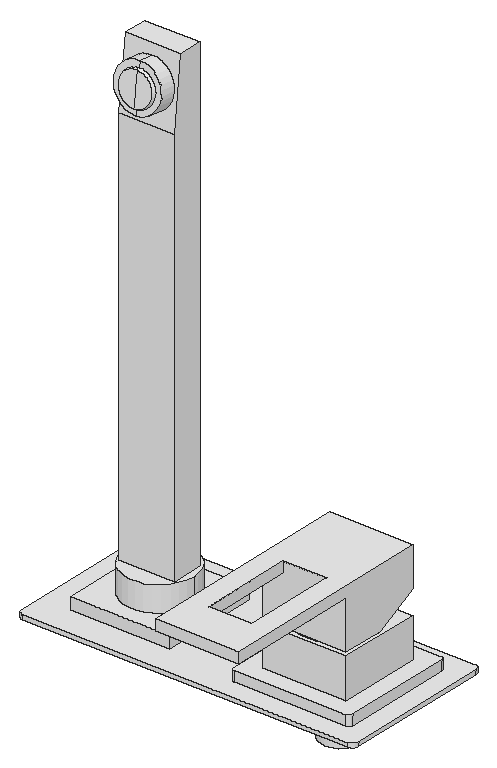
Revit family "Mixer-Bath-Caroma Quatro-Wall", category Plumbing Fixtures, host Face, Revit 2013
Parameters (values of type "Standard")
  Waste Connection = no
  Vent Connection = no
  URL = "http://www.caroma.com.au/"
  Type Comments = "Caroma Quatro Wall Bath Mixer"  # constant formula
  Model = "90703C"  # constant formula
  Material_ANZRS = Metal-Chrome-Caroma
  Manufacturer = "GWA Bathrooms & Kitchens"  # constant formula
  HWFU = 4  # constant formula
  HW Connection = yes
  Description = ""
  Default Elevation = 500 mm
  CreatedBy_ANZRS = "Design Content"  # constant formula
  CreatedByURL_ANZRS = "www.designcontent.com.au"
  Cost = 0
  Connector Radius = 10 mm
  CWFU = 4  # constant formula
  CW Connection = yes
  Assembly Code = "C1030210"
Reference planes
  plane 1 "Center (Front/Back)": y = 0
  plane 2: z = 0
  plane 3 "Center (Left/Right)": x = 0
  plane 4 "Left": x = -85
  plane 5 "Top": y = 40
  plane 6 "Bottom": y = -40
  plane 7 "Right": x = 85
  plane 8: x = 45
  plane 9: x = -45
Forms (mm)
  Extrusion 1, void
    sketch origin (45, 2.5, -112.5) x (0, 1, 0) y (0, 0, 1)
      loop
        line (-5.184, 140.225) -> (22.235, 140.225) -> (22.235, 153.305) -> (-5.184, 140.225)
    from -50 to 50
  Revolve 2, solid, material "Metal-Chrome-Caroma" <- "Material_ANZRS"
    sketch origin (-45, -188.696, 200.937) x (0, -0.009072, -0.999959) y (0, 0.999959, -0.009072)
      loop
        line (-34.304, 171.991) -> (-33.605, 173.426) -> (-30.608, 173.111) -> (-29.766, 181.125) -> (-41.7, 182.38) -> (-42.699, 172.873) -> (-34.304, 171.991)
      axis (-42.699, 172.873) -> (-41.7, 182.38)
    angle from 0 to 360
  Extrusion 3, solid, material "Metal-Chrome-Caroma" <- "Material_ANZRS"
    sketch origin (59.2, 0, 0) x (1, 0, 0) y (0, 1, 0)
      loop
        circle (-7.071, -7.071) r 10
    from -20 to 0
  Extrusion 4, solid, material "Metal-Chrome-Caroma" <- "Material_ANZRS"
    sketch origin (30.8, 0, 0) x (-1, 0, 0) y (0, -1, 0)
      loop
        circle (-7.071, -7.071) r 10
    from -20 to 0
  Extrusion 5, solid, material "Metal-Chrome-Caroma" <- "Material_ANZRS"
    sketch origin (45, 0, -233.5) x (1, 0, 0) y (0, 1, 0)
      loop
        line (21, -88.994) -> (21, -21) -> (11, -21) -> (11, -68) -> (-11, -68) -> (-11, -21) -> (-21, -21) -> (-21, -88.994) -> (21, -88.994)
    from 287.003 to 292.502
  Extrusion 6, solid, material "Metal-Chrome-Caroma" <- "Material_ANZRS"
    sketch origin (45, 0, 0) x (1, 0, 0) y (0, 1, 0)
      loop
        arc (-28.028, 30) -> (-29.422, 29.422) -> (-30, 28.028) r 1.972
        line (-30, 28.028) -> (-30, -28)
        arc (-30, -28) -> (-29.414, -29.414) -> (-28, -30) r 2
        line (-28, -30) -> (28, -30)
        arc (28, -30) -> (29.414, -29.414) -> (30, -28) r 2
        line (30, -28) -> (30, 28)
        arc (30, 28) -> (29.414, 29.414) -> (28, 30) r 2
        line (28, 30) -> (-28.028, 30)
    from 0 to 7
  Extrusion 7, solid, material "Metal-Chrome-Caroma" <- "Material_ANZRS"
    sketch origin (45, 0, 0) x (1, 0, 0) y (0, 1, 0)
      loop
        line (-21, 21) -> (-21, -21) -> (21, -21) -> (21, 21) -> (-21, 21)
    from 7 to 27
  Extrusion 8, solid, material "Metal-Chrome-Caroma" <- "Material_ANZRS"
    sketch origin (45, 0, -233.5) x (1, 0, 0) y (0, 1, 0)
      loop
        line (21, 21) -> (-21, 21) -> (-21, -21) -> (21, -21) -> (21, 21)
    from 262.5 to 292.502
  Revolve 9, solid, material "Metal-Chrome-Caroma" <- "Material_ANZRS", detail levels fine
    sketch origin (45, 0, -233.5) x (0, 1, 0) y (0, 0, 1)
      loop
        line (-21, 274.284) -> (-21, 278.776)
        arc (-21, 278.776) -> (-21.757, 278.721) -> (-22.273, 278.164) r 1.034
        arc (-22.273, 278.164) -> (-22.817, 276.258) -> (-23, 274.284) r 10.71
        line (-23, 274.284) -> (-21, 274.284)
      axis (-23, 274.284) -> (-21, 274.284)
    angle from 0 to 360
  Revolve 10, solid, material "Metal-Chrome-Caroma" <- "Material_ANZRS"
    sketch origin (45, 0, -233.5) x (0, 1, 0) y (0, 0, 1)
      loop
        arc (18.995, 260.5) -> (17.363, 268.413) -> (12.735, 275.035) r 20.004
        line (12.735, 275.035) -> (0, 275.035) -> (0, 260.5) -> (18.995, 260.5)
      axis (0, 275.035) -> (0, 260.5)
    angle from 0 to 360
  Extrusion 11, solid, material "Metal-Chrome-Caroma" <- "Material_ANZRS"
    sketch origin (-45, 133.552, 1219.2) x (0, 1, 0) y (0, 0, 1)
      loop
        line (-125.552, -961.2) -> (-137.552, -961.2) -> (-141.552, -996.2) -> (-141.552, -1198.2) -> (-125.552, -1198.2) -> (-125.552, -961.2)
    from -14 to 14
  Extrusion 12, solid, material "Metal-Chrome-Caroma" <- "Material_ANZRS"
    sketch origin (45, 0, 0) x (1, 0, 0) y (0, 1, 0)
      loop
        line (-115, 25) -> (-115, -25) -> (-65, -25) -> (-65, 25) -> (-115, 25)
    from 0 to 8
  Extrusion 13, solid, material "Metal-Chrome-Caroma" <- "Material_ANZRS"
    sketch origin (45, 0, 0) x (1, 0, 0) y (0, 1, 0)
      loop
        circle (-90, 0) r 17.5
    from 8 to 21
  Extrusion 14, solid, material "Metal-Chrome-Caroma" <- "Material_ANZRS"
    sketch origin (45, 0, 0) x (1, 0, 0) y (0, 1, 0)
      loop
        arc (-127, 40) -> (-129.121, 39.121) -> (-130, 37) r 3
        line (-130, 37) -> (-130, -37)
        arc (-130, -37) -> (-129.121, -39.121) -> (-127, -40) r 3
        line (-127, -40) -> (37, -40)
        arc (37, -40) -> (39.121, -39.121) -> (40, -37) r 3
        line (40, -37) -> (40, 37)
        arc (40, 37) -> (39.121, 39.121) -> (37, 40) r 3
        line (37, 40) -> (-127, 40)
    from 0 to 2
Cuts and joins
  Extrusion 1 cuts Extrusion 8
  joined: Revolve 2, Extrusion 5, Extrusion 6, Extrusion 7, Extrusion 8, Revolve 10, Extrusion 11, Extrusion 12, Extrusion 13, Extrusion 14
Lines and regions (mm)
  Masking region 1
    outline origin (0, 0, 0) x (1, 0, 0) y (0, 1, 0)
      loop
        arc (-82, 40) -> (-84.121, 39.121) -> (-85, 37) r 3
        line (-85, 37) -> (-85, -37)
        arc (-85, -37) -> (-84.121, -39.121) -> (-82, -40) r 3
        line (-82, -40) -> (24, -40) -> (24, -88.994) -> (66, -88.994) -> (66, -40) -> (82, -40)
        arc (82, -40) -> (84.121, -39.121) -> (85, -37) r 3
        line (85, -37) -> (85, 37)
        arc (85, 37) -> (84.121, 39.121) -> (82, 40) r 3
        line (82, 40) -> (-82, 40)
      loop
        line (34, -68) -> (56, -68) -> (56, -40) -> (34, -40) -> (34, -68)
  Masking region 2
    outline origin (0, 0, 0) x (1, 0, 0) y (0, 0, 1)
      loop
        line (85, 0) -> (85, 2) -> (75, 2) -> (75, 7) -> (66, 7) -> (66, 27) -> (63.995, 27) -> (63.894, 29) -> (66, 29) -> (66, 59.002) -> (24, 59.002) -> (24, 29) -> (26.106, 29) -> (26.005, 27) -> (24, 27) -> (24, 7) -> (15, 7) -> (15, 2) -> (-20, 2) -> (-20, 8) -> (-27.5, 8) -> (-27.5, 21) -> (-31, 21) -> (-31, 258) -> (-59, 258) -> (-59, 21) -> (-62.5, 21) -> (-62.5, 8) -> (-70, 8) -> (-70, 2) -> (-85, 2) -> (-85, 0) -> (85, 0)
  symbolic lines
    curve 1: line (-31, 8, 0) -> (-59, 8, 0)
    curve 2: line (-59, 8, 0) -> (-59, -8, 0)
    curve 3: line (-59, -4, 0) -> (-31, -4, 0)
    curve 4: line (-31, -8, 0) -> (-31, 8, 0)
    curve 5: spline (-54.324, -14.809, 0) -> (-55.569, -14.597, 0) -> (-56.444, -14.362, 0) -> (-56.916, -14.112, 0) -> (-56.971, -13.857, 0) -> (-56.605, -13.605, 0) -> (-55.832, -13.365, 0) -> (-54.678, -13.146, 0) -> (-53.185, -12.955, 0) -> (-51.404, -12.799, 0) -> (-49.398, -12.684, 0) -> (-47.238, -12.613, 0) -> (-45, -12.589, 0)
    curve 6: spline (-45, -12.589, 0) -> (-42.762, -12.613, 0) -> (-40.602, -12.684, 0) -> (-38.596, -12.799, 0) -> (-36.815, -12.955, 0) -> (-35.322, -13.146, 0) -> (-34.168, -13.365, 0) -> (-33.395, -13.605, 0) -> (-33.029, -13.857, 0) -> (-33.084, -14.112, 0) -> (-33.556, -14.362, 0) -> (-34.431, -14.597, 0) -> (-35.676, -14.809, 0)
    curve 7: spline (-45, -14.483, 0) -> (-47.185, -14.516, 0) -> (-49.221, -14.612, 0) -> (-50.969, -14.764, 0) -> (-52.31, -14.963, 0) -> (-53.154, -15.194, 0) -> (-53.441, -15.442, 0) -> (-53.154, -15.69, 0) -> (-52.31, -15.921, 0) -> (-50.969, -16.12, 0) -> (-49.221, -16.272, 0) -> (-47.185, -16.368, 0) -> (-45, -16.4, 0)
    curve 8: spline (-45, -16.4, 0) -> (-42.815, -16.368, 0) -> (-40.779, -16.272, 0) -> (-39.031, -16.12, 0) -> (-37.69, -15.921, 0) -> (-36.846, -15.69, 0) -> (-36.559, -15.442, 0) -> (-36.846, -15.194, 0) -> (-37.69, -14.963, 0) -> (-39.031, -14.764, 0) -> (-40.779, -14.612, 0) -> (-42.815, -14.516, 0) -> (-45, -14.483, 0)
    curve 9: spline (-36.013, -13.952, 0) -> (-36.32, -13.687, 0) -> (-37.217, -13.441, 0) -> (-38.645, -13.23, 0) -> (-40.507, -13.068, 0) -> (-42.674, -12.966, 0) -> (-45, -12.931, 0) -> (-47.326, -12.966, 0) -> (-49.493, -13.068, 0) -> (-51.355, -13.23, 0) -> (-52.783, -13.441, 0) -> (-53.68, -13.687, 0) -> (-53.987, -13.952, 0)
    curve 10: arc (-62.5, 0, 0) -> (-61.066, -6.937, 0) -> (-57, -12.738, 0) r 17.5
    curve 11: spline (-57, -5.945, 0) -> (-56.591, -5.592, 0) -> (-55.392, -5.264, 0) -> (-53.485, -4.982, 0) -> (-51, -4.765, 0) -> (-48.106, -4.629, 0) -> (-45, -4.582, 0) -> (-41.894, -4.629, 0) -> (-39, -4.765, 0) -> (-36.515, -4.982, 0) -> (-34.608, -5.264, 0) -> (-33.409, -5.592, 0) -> (-33, -5.945, 0)
    curve 12: arc (-27.5, 0, 0) -> (-45, 17.5, 0) -> (-62.5, 0, 0) r 17.5
    curve 13: line (-59, -8, 0) -> (-57, -8, 0)
    curve 14: line (-33, -8, 0) -> (-31, -8, 0)
    curve 15: line (-57, -5.945, 0) -> (-57, -13.952, 0)
    curve 16: line (-33, -5.945, 0) -> (-33, -13.952, 0)
    curve 17: line (-36.013, -13.952, 0) -> (-36.559, -15.442, 0)
    curve 18: line (-53.987, -13.952, 0) -> (-53.441, -15.442, 0)
    curve 19: arc (-33, -12.738, 0) -> (-28.934, -6.937, 0) -> (-27.5, 0, 0) r 17.5
    curve 20: arc (-36.507, -15.301, 0) -> (-36.088, -15.061, 0) -> (-35.676, -14.809, 0) r 17.5
    curve 21: arc (-52.23, -15.937, 0) -> (-45, -17.5, 0) -> (-37.77, -15.937, 0) r 17.5
    curve 22: arc (-54.324, -14.809, 0) -> (-53.912, -15.061, 0) -> (-53.493, -15.301, 0) r 17.5
    curve 23: line (-70, 25, 0) -> (-20, 25, 0)
    curve 24: line (-70, -25, 0) -> (-70, 25, 0)
    curve 25: line (-20, -25, 0) -> (-70, -25, 0)
    curve 26: line (-20, 25, 0) -> (-20, -25, 0)
    curve 27: line (15, 28.028, 0) -> (15, -28, 0)
    curve 28: arc (16.972, 30, 0) -> (15.578, 29.422, 0) -> (15, 28.028, 0) r 1.972
    curve 29: line (73, 30, 0) -> (16.972, 30, 0)
    curve 30: arc (75, 28, 0) -> (74.414, 29.414, 0) -> (73, 30, 0) r 2
    curve 31: line (75, -28, 0) -> (75, 28, 0)
    curve 32: arc (73, -30, 0) -> (74.414, -29.414, 0) -> (75, -28, 0) r 2
    curve 33: line (17, -30, 0) -> (24, -30, 0)
    curve 34: arc (15, -28, 0) -> (15.586, -29.414, 0) -> (17, -30, 0) r 2
    curve 35: line (24, 21, 0) -> (24, -88.994, 0)
    curve 36: line (66, 21, 0) -> (24, 21, 0)
    curve 37: line (66, -88.994, 0) -> (66, 21, 0)
    curve 38: line (34, -21, 0) -> (56, -21, 0)
    curve 39: line (34, -68, 0) -> (34, -21, 0)
    curve 40: line (56, -21, 0) -> (56, -68, 0)
    curve 41: line (56, -68, 0) -> (34, -68, 0)
    curve 42: line (24, -88.994, 0) -> (66, -88.994, 0)
    curve 43: line (34, -30, 0) -> (56, -30, 0)
    curve 44: line (66, -30, 0) -> (73, -30, 0)
    curve 45: line (75, 0, 7) -> (15, 0, 7)
    curve 46: line (85, 0, 2) -> (-85, 0, 2)
    curve 47: line (-20, 0, 8) -> (-70, 0, 8)
    curve 48: line (-27.5, 0, 21) -> (-62.5, 0, 21)
    curve 49: line (66, 0, 27) -> (24, 0, 27)
    curve 50: line (24, 0, 39.023) -> (66, 0, 39.023)
    curve 51: line (63.894, 0, 29) -> (63.995, 0, 27)
    curve 52: line (26.106, 0, 29) -> (26.005, 0, 27)
    curve 53: spline (63.89, 0, 29) -> (63.64, 0, 30.033) -> (63.088, 0, 31.044) -> (62.241, 0, 32.017) -> (61.115, 0, 32.935) -> (59.727, 0, 33.785) -> (58.1, 0, 34.551) -> (56.26, 0, 35.223) -> (54.237, 0, 35.789) -> (52.063, 0, 36.239) -> (49.774, 0, 36.567) -> (47.407, 0, 36.767) -> (45, 0, 36.836)
    curve 54: spline (45, 0, 36.836) -> (42.593, 0, 36.767) -> (40.226, 0, 36.567) -> (37.937, 0, 36.239) -> (35.763, 0, 35.789) -> (33.74, 0, 35.223) -> (31.9, 0, 34.551) -> (30.273, 0, 33.785) -> (28.885, 0, 32.935) -> (27.759, 0, 32.017) -> (26.912, 0, 31.044) -> (26.36, 0, 30.033) -> (26.11, 0, 29)
Dimensions and locks
  aligned and locked: plane 2 to host face
  aligned and locked: level to host face
Connectors
  piping at (52.129, -7.071, -20), driven by "Connector Radius", driven by "CWFU"
    settings: on Extrusion 3, index 3, connector radius 0.3937", flow factor 0, pipe flow 0 GPM, pressure drop 0.00 psi, fitting loss kfactor 0, connector angle 0.00°, fixture units 4, engagement length 0 mm, flow configuration 3, flow direction 1, fitting loss method 1, system type 20, joint type 0, gender type 0, connector reference index -1, connector utility 0, adjustable connector no, is connector primary yes, fitting loss table "Inward Projecting Pipe", connector description "Cold Inlet"
  piping at (37.871, 7.071, -20), driven by "Connector Radius", driven by "HWFU"
    settings: on Extrusion 4, index 4, connector radius 0.3937", flow factor 0, pipe flow 0 GPM, pressure drop 0.00 psi, fitting loss kfactor 0, connector angle 0.00°, fixture units 4, engagement length 0 mm, flow configuration 3, flow direction 1, fitting loss method 1, system type 19, joint type 0, gender type 0, connector reference index -1, connector utility 0, adjustable connector no, is connector primary no, fitting loss table "Inward Projecting Pipe", connector description "Hot Inlet"
